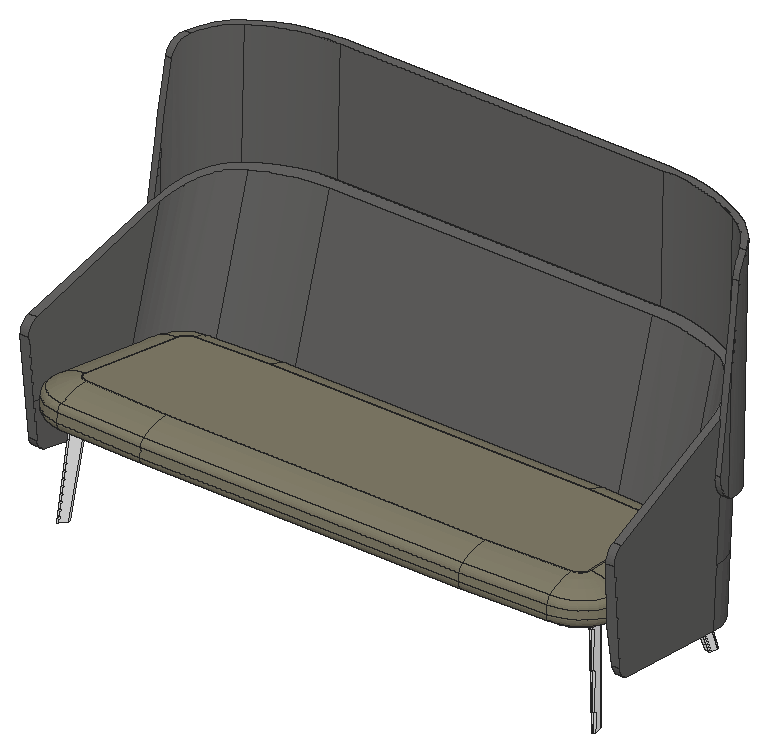
Revit family "Seating-Lounge-Teknion-STRE_Cover-R2014", category Furniture, Revit 2014
Parameters (values of type "Sofa Two Seater with Privacy")
  Width = 7' - 6 25/32"
  Warranty = "http://www.teknionstudio.com/pdfs/Teknion%20Studio%20Warranty.pdf"
  Unit Weight = 240.00 lbf
  URL = "http://www.teknionstudio.com"
  Series = "Studio"
  Seat Upholstery Finish [instance] = Fabric - Teknion - H517 - Heather Felt - Mustard Seed
  Product Page URL = "http://teknionstudio.com/cover/"
  Product Line = "Cover"
  Product Documentation Link = "http://www.teknionstudio.com/pricing/STRC_ppg.pdf"
  Privacy Upholstery Finish [instance] = Fabric - Teknion - H513 - Heather Felt - Pinon Tree
  Part Number = "STRE"
  Model = "STREF"
  Manufacturer Phone = "919-464-2920"
  Manufacturer Fax = "919-464-2927"
  Manufacturer Email = "customersupport@teknionstudio.com"
  Manufacturer Address = "3953 US 70 Business HWY West, Clayton, NC 27520"
  Manufacturer = "StudioTK"
  Low Emitting Material = yes
  Low Emitting Finish = yes
  Height = 3' - 7.98788"
  Frame Finish [instance] = Metal - Teknion - C9 - Polished Aluminum
  Description = "Cover Booth with Privacy, 4 - Leg"
  Depth = 2' - 6.80088"
  Back Upholstery Finish [instance] = Fabric - Teknion - H513 - Heather Felt - Pinon Tree
  Assembly Code = "E2020200"
Reference planes (in)
  plane 1 "Center F/B": y = 0
  plane 2: z = 0
  plane 3 "Center L/R": x = 0
  plane 4 "Top": z = 29.6
  plane 5: z = -0.03378
  plane 6: z = 0.19997
  plane 7 "Back": y = 16.11125
  plane 8 "Front": y = -13.48875
  plane 9: z = 12.39769
  plane 10: z = 10.50954
  plane 11 "Top Sloped Plane": through (0, 38.1924, 27.67127) normal (0, 0.0872, 0.9962)
  plane 12 "Bottom Sloped Plane": through (0, 36.74931, 1.19629) normal (0, 0.0872, 0.9962)
  plane 13: y = -15.87481
  plane 14: y = -8.83784
  plane 15: y = -21.44003
  plane 16: y = -10.16342
  plane 17: x = -35.3355
  plane 18: x = 35.3355
  plane 19: through (-51.44182, -20.77509, -22.07729) normal (0, -0.9903, 0.1392)
  plane 20: through (-51.44182, -13.80661, -23.05664) normal (0, -0.9903, 0.1392)
  plane 21: through (-56.88186, -26.28615, -21.30276) normal (0, -0.9903, 0.1392)
  plane 22: through (-55.6484, -15.11928, -22.87216) normal (0, -0.9903, 0.1392)
  plane 23: through (0, -5.45136, 12.06115) normal (0, -0.0698, -0.9976)
  plane 24: z = 43.98788
  plane 25: through (0, 15.33115, 16.83807) normal (0, 0.1564, 0.9877)
  plane 26: through (0, 16.61103, 43.82602) normal (0, -0.9996, 0.0294)
  plane 27: y = 17.31213
Forms (in)
  Sweep 1, solid, material "Fabric - Teknion - H517 - Heather Felt - Mustard Seed" <- "Seat Upholstery Finish"
    path origin (0, -1.72803, 15.73813) x (-1, 0, 0) y (0, -0.996195, 0.087156)
      loop
        arc (-18.90496, 7.67299) -> (-23.83351, 7.58206) -> (-28.75534, 7.3094) r 133.61289
        arc (-28.75534, 7.3094) -> (-29.62155, 6.86532) -> (-29.9066, 5.93459) r 1.25
        line (-29.9066, 5.93459) -> (-28.65822, -6.17276)
        arc (-28.65822, -6.17276) -> (-28.29254, -6.93454) -> (-27.52577, -7.28962) r 1.25
        arc (-27.52577, -7.28962) -> (-23.21962, -7.5771) -> (-18.90496, -7.67299) r 97.11843
        line (-18.90496, -7.67299) -> (18.91253, -7.67299)
        arc (18.91253, -7.67299) -> (23.22719, -7.5771) -> (27.53333, -7.28962) r 97.11843
        arc (27.53333, -7.28962) -> (28.30011, -6.93454) -> (28.66578, -6.17276) r 1.25
        line (28.66578, -6.17276) -> (29.91416, 5.93459)
        arc (29.91416, 5.93459) -> (29.62911, 6.86532) -> (28.76291, 7.3094) r 1.25
        arc (28.76291, 7.3094) -> (23.84107, 7.58206) -> (18.91253, 7.67299) r 133.61289
        line (18.91253, 7.67299) -> (-18.90496, 7.67299)
    profile origin (-0.00378, -9.37183, 16.40687) x (0, -0.996195, 0.087156) y (0, 0.087156, 0.996195)
      loop
        line (0, -0.51075) -> (0, -5.76374)
        arc (0, -5.76374) -> (1.74056, -5.29495) -> (3.33882, -4.46134) r 8.29794
        arc (3.33882, -4.46134) -> (3.66485, -4.10133) -> (3.7828, -3.63017) r 1
        line (3.7828, -3.63017) -> (3.7828, -2.6428)
        arc (3.7828, -2.6428) -> (3.66474, -2.17142) -> (3.33841, -1.81135) r 1
        arc (3.33841, -1.81135) -> (1.74024, -0.97872) -> (0, -0.51075) r 8.29794
  Sweep 2, solid, material "Fabric - Teknion - H517 - Heather Felt - Mustard Seed" <- "Seat Upholstery Finish"
    path origin (0, -2.18789, -1.07314) x (1, 0, 0) y (0, 0.087156, 0.996195)
      loop
        line (0, 16.27662) -> (0, 11.02362)
    profile origin (0, -0.99821, 12.52504) x (1, 0, 0) y (0, -0.996195, 0.087156)
      loop
        arc (18.91692, -6.65483) -> (23.23159, -6.55894) -> (27.53773, -6.27146) r 97.11843
        arc (27.53773, -6.27146) -> (28.30451, -5.91638) -> (28.67018, -5.1546) r 1.25
        line (28.67018, -5.1546) -> (29.91971, 6.96391)
        arc (29.91971, 6.96391) -> (29.63466, 7.89464) -> (28.76846, 8.33871) r 1.25
        arc (28.76846, 8.33871) -> (23.84662, 8.61138) -> (18.91807, 8.70231) r 133.61289
        line (18.91807, 8.70231) -> (-18.92366, 8.70231)
        arc (-18.92366, 8.70231) -> (-23.8522, 8.61138) -> (-28.77404, 8.33871) r 133.61289
        arc (-28.77404, 8.33871) -> (-29.64024, 7.89464) -> (-29.92529, 6.96391) r 1.25
        line (-29.92529, 6.96391) -> (-28.67576, -5.1546)
        arc (-28.67576, -5.1546) -> (-28.31009, -5.91638) -> (-27.54331, -6.27146) r 1.25
        arc (-27.54331, -6.27146) -> (-23.23717, -6.55894) -> (-18.92251, -6.65483) r 97.11843
        line (-18.92251, -6.65483) -> (18.91692, -6.65483)
  Blend 3, solid, material "Metal - Teknion - C9 - Polished Aluminum" <- "Frame Finish"
    base sketch origin (10.1875, 0.25, 29.6) x (-1, 0, 0) y (0, -1, 0)
      loop
        arc (40.20636, -8.93889) -> (40.13707, -9.01477) -> (40.1561, -9.11575) r 0.115
        line (40.1561, -9.11575) -> (40.72391, -9.86361)
        arc (40.72391, -9.86361) -> (40.78433, -9.90482) -> (40.85738, -9.90137) r 0.11526
        line (40.85738, -9.90137) -> (40.9759, -9.85541)
        arc (40.9759, -9.85541) -> (41.03247, -9.80811) -> (41.04868, -9.73617) r 0.115
        line (41.04868, -9.73617) -> (40.95106, -8.80738)
        arc (40.95106, -8.80738) -> (40.89672, -8.72131) -> (40.79536, -8.71208) r 0.115
        line (40.79536, -8.71208) -> (40.20636, -8.93889)
    top sketch origin (10.1875, 0.25, 29.6) x (-1, 0, 0) y (0, -1, 0)
      loop
        arc (39.68301, -5.78986) -> (39.61214, -5.6776) -> (39.47993, -5.66556) r 0.15
        line (39.47993, -5.66556) -> (38.69931, -5.96617)
        arc (38.69931, -5.96617) -> (38.60893, -6.06514) -> (38.63374, -6.19685) r 0.15
        line (38.63374, -6.19685) -> (39.49234, -7.3277)
        arc (39.49234, -7.3277) -> (39.57097, -7.38133) -> (39.66605, -7.37684) r 0.15
        line (39.66605, -7.37684) -> (39.73569, -7.34983)
        arc (39.73569, -7.34983) -> (39.80948, -7.28813) -> (39.83062, -7.1943) r 0.15
        line (39.83062, -7.1943) -> (39.68301, -5.78986)
    from -29.6 to -19.09046
  SweptBlend 4, solid, material "Fabric - Teknion - H513 - Heather Felt - Pinon Tree" <- "Back Upholstery Finish"
    path origin (0, 0, 0) x (0, 1, 0) y (0, 0, 1)
      loop
        line (16.13827, 29.60075) -> (14.8127, 10.64415)
    profile origin (0, 16.13827, 29.60075) x (0, 0.997564, -0.069756) y (1, 0, 0)
      loop
        line (-26.99251, -35.3355) -> (-8.1595, -33.48039)
        arc (-8.1595, -33.48039) -> (-4.45353, -32.06018) -> (-1.99119, -28.94761) r 7.5
        arc (-1.99119, -28.94761) -> (-0.50285, -24.15547) -> (0, -19.1628) r 25.0371
        line (0, -19.1628) -> (0, 19.1628)
        arc (0, 19.1628) -> (-0.50285, 24.15547) -> (-1.99119, 28.94761) r 25.0371
        arc (-1.99119, 28.94761) -> (-4.45353, 32.06018) -> (-8.1595, 33.48039) r 7.5
        line (-8.1595, 33.48039) -> (-26.99251, 35.3355) -> (-26.99251, 34.57463) -> (-8.39843, 32.74306)
        arc (-8.39843, 32.74306) -> (-4.60449, 31.15528) -> (-2.35711, 27.71081) r 7
        arc (-2.35711, 27.71081) -> (-1.45536, 23.47901) -> (-1.1528, 19.1628) r 30.93845
        line (-1.1528, 19.1628) -> (-1.1528, -19.1628)
        arc (-1.1528, -19.1628) -> (-1.45536, -23.47901) -> (-2.35711, -27.71081) r 30.93845
        arc (-2.35711, -27.71081) -> (-4.60449, -31.15528) -> (-8.39843, -32.74306) r 7
        line (-8.39843, -32.74306) -> (-26.99251, -34.57463) -> (-26.99251, -35.3355)
    end profile origin (0, 14.8127, 10.64415) x (0, 0.997564, -0.069756) y (1, 0, 0)
      loop
        line (-26.99251, -35.3355) -> (-8.1595, -33.48039)
        arc (-8.1595, -33.48039) -> (-4.45353, -32.06018) -> (-1.99119, -28.94761) r 7.5
        arc (-1.99119, -28.94761) -> (-0.50285, -24.15547) -> (0, -19.1628) r 25.0371
        line (0, -19.1628) -> (0, 19.1628)
        arc (0, 19.1628) -> (-0.50285, 24.15547) -> (-1.99119, 28.94761) r 25.0371
        arc (-1.99119, 28.94761) -> (-4.45353, 32.06018) -> (-8.1595, 33.48039) r 7.5
        line (-8.1595, 33.48039) -> (-26.99251, 35.3355) -> (-26.99251, 34.15599) -> (-12.64843, 32.74306)
        arc (-12.64843, 32.74306) -> (-8.85449, 31.15528) -> (-6.60711, 27.71081) r 7
        arc (-6.60711, 27.71081) -> (-5.70536, 23.47901) -> (-5.4028, 19.1628) r 30.93845
        line (-5.4028, 19.1628) -> (-5.4028, -19.1628)
        arc (-5.4028, -19.1628) -> (-5.70536, -23.47901) -> (-6.60711, -27.71081) r 30.93845
        arc (-6.60711, -27.71081) -> (-8.85449, -31.15528) -> (-12.64843, -32.74306) r 7
        line (-12.64843, -32.74306) -> (-26.99251, -34.15599) -> (-26.99251, -35.3355)
  Sweep 5, void
    path origin (0, 0, 0) x (1, 0, 0) y (0, 1, 0)
      loop
        line (-48.33893, 0) -> (48.33893, 0)
    profile origin (0, 0, 0) x (0, 1, 0) y (0, 0, 1)
      loop
        line (16.11125, 29.64263) -> (16.11125, 31.96622) -> (-13.75, 31.96622) -> (-13.75, -0.03378) -> (16.11125, -0.03378) -> (16.11125, 3.0551) -> (-8.26774, 6.48135)
        arc (-8.26774, 6.48135) -> (-9.25297, 6.96829) -> (-9.75359, 7.94664) r 1.75
        arc (-9.75359, 7.94664) -> (-10.44354, 13.61127) -> (-10.76569, 19.30866) r 88.19034
        arc (-10.76569, 19.30866) -> (-10.44937, 20.35513) -> (-9.57374, 21.00968) r 1.75
        line (-9.57374, 21.00968) -> (16.11125, 29.64263)
  Blend 6, solid, material "Metal - Teknion - C9 - Polished Aluminum" <- "Frame Finish"
    base sketch origin (10, 0.125, 29.6) x (-1, 0, 0) y (0, -1, 0)
      loop
        line (41.11261, 8.81389) -> (41.70161, 8.58708)
        arc (41.70161, 8.58708) -> (41.80297, 8.59631) -> (41.85731, 8.68238) r 0.115
        line (41.85731, 8.68238) -> (41.95493, 9.61117)
        arc (41.95493, 9.61117) -> (41.93872, 9.68311) -> (41.88215, 9.73041) r 0.115
        line (41.88215, 9.73041) -> (41.76363, 9.77637)
        arc (41.76363, 9.77637) -> (41.69058, 9.77982) -> (41.63016, 9.73861) r 0.11526
        line (41.63016, 9.73861) -> (41.06235, 8.99075)
        arc (41.06235, 8.99075) -> (41.04332, 8.88977) -> (41.11261, 8.81389) r 0.115
    top sketch origin (10, 0.125, 29.6) x (-1, 0, 0) y (0, -1, 0)
      loop
        line (40.71426, 7.28986) -> (40.86187, 8.6943)
        arc (40.86187, 8.6943) -> (40.84073, 8.78813) -> (40.76694, 8.84983) r 0.15
        line (40.76694, 8.84983) -> (40.6973, 8.87684)
        arc (40.6973, 8.87684) -> (40.60222, 8.88133) -> (40.52359, 8.8277) r 0.15
        line (40.52359, 8.8277) -> (39.66499, 7.69685)
        arc (39.66499, 7.69685) -> (39.64018, 7.56514) -> (39.73056, 7.46617) r 0.15
        line (39.73056, 7.46617) -> (40.51118, 7.16556)
        arc (40.51118, 7.16556) -> (40.64339, 7.1776) -> (40.71426, 7.28986) r 0.15
    from -29.6 to -17.20231
  SweptBlend 7, solid, material "Fabric - Teknion - H513 - Heather Felt - Pinon Tree" <- "Back Upholstery Finish"
    path origin (0, 1.62554, 23.24623) x (0, 0.990268, -0.139173) y (0, -0.139173, -0.990268)
      loop
        line (15.33595, 18.12702) -> (14.8127, 10.64415)
    profile origin (0, 14.28945, 3.16128) x (0, -0.997564, 0.069756) y (1, 0, 0)
      loop
        line (26.99251, -35.3355) -> (26.99251, -34.57463) -> (8.39843, -32.74306)
        arc (8.39843, -32.74306) -> (4.60449, -31.15528) -> (2.35711, -27.71081) r 7
        arc (2.35711, -27.71081) -> (1.45536, -23.47901) -> (1.1528, -19.1628) r 30.93845
        line (1.1528, -19.1628) -> (1.1528, 19.1628)
        arc (1.1528, 19.1628) -> (1.45536, 23.47901) -> (2.35711, 27.71081) r 30.93845
        arc (2.35711, 27.71081) -> (4.60449, 31.15528) -> (8.39843, 32.74306) r 7
        line (8.39843, 32.74306) -> (26.99251, 34.57463) -> (26.99251, 35.3355) -> (8.1595, 33.48039)
        arc (8.1595, 33.48039) -> (4.45353, 32.06018) -> (1.99119, 28.94761) r 7.5
        arc (1.99119, 28.94761) -> (0.50285, 24.15547) -> (0, 19.1628) r 25.0371
        line (0, 19.1628) -> (0, -19.1628)
        arc (0, -19.1628) -> (0.50285, -24.15547) -> (1.99119, -28.94761) r 25.0371
        arc (1.99119, -28.94761) -> (4.45353, -32.06018) -> (8.1595, -33.48039) r 7.5
        line (8.1595, -33.48039) -> (26.99251, -35.3355)
    end profile origin (0, 14.8127, 10.64415) x (0, -0.997564, 0.069756) y (1, 0, 0)
      loop
        line (26.99251, -35.3355) -> (26.99251, -34.15599) -> (12.64843, -32.74306)
        arc (12.64843, -32.74306) -> (8.85449, -31.15528) -> (6.60711, -27.71081) r 7
        arc (6.60711, -27.71081) -> (5.70536, -23.47901) -> (5.4028, -19.1628) r 30.93845
        line (5.4028, -19.1628) -> (5.4028, 19.1628)
        arc (5.4028, 19.1628) -> (5.70536, 23.47901) -> (6.60711, 27.71081) r 30.93845
        arc (6.60711, 27.71081) -> (8.85449, 31.15528) -> (12.64843, 32.74306) r 7
        line (12.64843, 32.74306) -> (26.99251, 34.15599) -> (26.99251, 35.3355) -> (8.1595, 33.48039)
        arc (8.1595, 33.48039) -> (4.45353, 32.06018) -> (1.99119, 28.94761) r 7.5
        arc (1.99119, 28.94761) -> (0.50285, 24.15547) -> (0, 19.1628) r 25.0371
        line (0, 19.1628) -> (0, -19.1628)
        arc (0, -19.1628) -> (0.50285, -24.15547) -> (1.99119, -28.94761) r 25.0371
        arc (1.99119, -28.94761) -> (4.45353, -32.06018) -> (8.1595, -33.48039) r 7.5
        line (8.1595, -33.48039) -> (26.99251, -35.3355)
  Blend 8, solid, material "Metal - Teknion - C9 - Polished Aluminum" <- "Frame Finish"
    base sketch origin (-10.1875, 0.25, 29.6) x (1, 0, 0) y (0, 1, 0)
      loop
        line (40.20636, 8.93889) -> (40.79536, 8.71208)
        arc (40.79536, 8.71208) -> (40.89672, 8.72131) -> (40.95106, 8.80738) r 0.115
        line (40.95106, 8.80738) -> (41.04868, 9.73617)
        arc (41.04868, 9.73617) -> (41.03247, 9.80811) -> (40.9759, 9.85541) r 0.115
        line (40.9759, 9.85541) -> (40.85738, 9.90137)
        arc (40.85738, 9.90137) -> (40.78433, 9.90482) -> (40.72391, 9.86361) r 0.11526
        line (40.72391, 9.86361) -> (40.1561, 9.11575)
        arc (40.1561, 9.11575) -> (40.13707, 9.01477) -> (40.20636, 8.93889) r 0.115
    top sketch origin (-10.1875, 0.25, 29.6) x (1, 0, 0) y (0, 1, 0)
      loop
        line (39.68301, 5.78986) -> (39.83062, 7.1943)
        arc (39.83062, 7.1943) -> (39.80948, 7.28813) -> (39.73569, 7.34983) r 0.15
        line (39.73569, 7.34983) -> (39.66605, 7.37684)
        arc (39.66605, 7.37684) -> (39.57097, 7.38133) -> (39.49234, 7.3277) r 0.15
        line (39.49234, 7.3277) -> (38.63374, 6.19685)
        arc (38.63374, 6.19685) -> (38.60893, 6.06514) -> (38.69931, 5.96617) r 0.15
        line (38.69931, 5.96617) -> (39.47993, 5.66556)
        arc (39.47993, 5.66556) -> (39.61214, 5.6776) -> (39.68301, 5.78986) r 0.15
    from -29.6 to -19.09046
  Blend 9, solid, material "Metal - Teknion - C9 - Polished Aluminum" <- "Frame Finish"
    base sketch origin (-10, 0.125, 29.6) x (1, 0, 0) y (0, 1, 0)
      loop
        arc (41.11261, -8.81389) -> (41.04332, -8.88977) -> (41.06235, -8.99075) r 0.115
        line (41.06235, -8.99075) -> (41.63016, -9.73861)
        arc (41.63016, -9.73861) -> (41.69058, -9.77982) -> (41.76363, -9.77637) r 0.11526
        line (41.76363, -9.77637) -> (41.88215, -9.73041)
        arc (41.88215, -9.73041) -> (41.93872, -9.68311) -> (41.95493, -9.61117) r 0.115
        line (41.95493, -9.61117) -> (41.85731, -8.68238)
        arc (41.85731, -8.68238) -> (41.80297, -8.59631) -> (41.70161, -8.58708) r 0.115
        line (41.70161, -8.58708) -> (41.11261, -8.81389)
    top sketch origin (-10, 0.125, 29.6) x (1, 0, 0) y (0, 1, 0)
      loop
        arc (40.71426, -7.28986) -> (40.64339, -7.1776) -> (40.51118, -7.16556) r 0.15
        line (40.51118, -7.16556) -> (39.73056, -7.46617)
        arc (39.73056, -7.46617) -> (39.64018, -7.56514) -> (39.66499, -7.69685) r 0.15
        line (39.66499, -7.69685) -> (40.52359, -8.8277)
        arc (40.52359, -8.8277) -> (40.60222, -8.88133) -> (40.6973, -8.87684) r 0.15
        line (40.6973, -8.87684) -> (40.76694, -8.84983)
        arc (40.76694, -8.84983) -> (40.84073, -8.78813) -> (40.86187, -8.6943) r 0.15
        line (40.86187, -8.6943) -> (40.71426, -7.28986)
    from -29.6 to -17.20231
  Sweep 10, solid, material "Fabric - Teknion - H513 - Heather Felt - Pinon Tree" <- "Privacy Upholstery Finish"
    path origin (0, 0, 0) x (0, 1, 0) y (0, 0, 1)
      loop
        line (16.77317, 49.33373) -> (15.69611, 12.7462)
    profile origin (0, 16.23464, 31.03997) x (0, 0.999567, -0.029425) y (1, 0, 0)
      loop
        spline (-2.09662, -28.96131) -> (-2.40084, -29.56846) -> (-2.75747, -30.14637) -> (-3.16371, -30.69051) -> (-3.61641, -31.19664) -> (-4.11201, -31.66079) -> (-4.64665, -32.07934) -> (-5.21614, -32.44901) -> (-5.81605, -32.76693) -> (-6.44167, -33.03061) -> (-7.08813, -33.23798) -> (-7.75037, -33.38742) -> (-8.42321, -33.47777)
        line (-8.42321, -33.47777) -> (-11.82534, -33.81815) -> (-11.75297, -34.56465) -> (-8.37345, -34.23699)
        spline (-8.37345, -34.23699) -> (-6.62645, -33.87914) -> (-5.15206, -33.23568) -> (-3.93049, -32.38447) -> (-2.94183, -31.403) -> (-2.15666, -30.34365) -> (-1.53038, -29.21882) -> (-1.01704, -28.03734) -> (-0.57075, -26.80786) -> (-0.16232, -25.48764) -> (0.19671, -23.90855) -> (0.4887, -21.8837) -> (0.69603, -19.22621)
        line (0.69603, -19.22621) -> (0.69603, 19.22621)
        spline (0.69603, 19.22621) -> (0.4887, 21.8837) -> (0.19671, 23.90855) -> (-0.16232, 25.48764) -> (-0.57075, 26.80786) -> (-1.01704, 28.03734) -> (-1.53038, 29.21882) -> (-2.15666, 30.34365) -> (-2.94183, 31.403) -> (-3.93049, 32.38447) -> (-5.15206, 33.23568) -> (-6.62645, 33.87914) -> (-8.37345, 34.23699)
        line (-8.37345, 34.23699) -> (-11.75297, 34.56465) -> (-11.82534, 33.81815) -> (-8.42321, 33.47777)
        spline (-8.42321, 33.47777) -> (-7.75037, 33.38742) -> (-7.08813, 33.23797) -> (-6.44168, 33.03061) -> (-5.81605, 32.76693) -> (-5.21615, 32.44901) -> (-4.64665, 32.07934) -> (-4.11201, 31.66079) -> (-3.61641, 31.19664) -> (-3.16372, 30.69051) -> (-2.75747, 30.14637) -> (-2.40084, 29.56847) -> (-2.09662, 28.96131)
        spline (-2.09662, 28.96131) -> (-1.8003, 28.28513) -> (-1.52198, 27.55788) -> (-1.26084, 26.77515) -> (-1.0168, 25.93667) -> (-0.79617, 25.07517) -> (-0.59866, 24.18912) -> (-0.4276, 23.29585) -> (-0.28649, 22.41358) -> (-0.17481, 21.53957) -> (-0.09903, 20.7075) -> (-0.05904, 19.91673) -> (-0.05397, 19.1628)
        line (-0.05397, 19.1628) -> (-0.05397, -19.22621)
        spline (-0.05397, -19.22621) -> (-0.05973, -19.96933) -> (-0.10012, -20.74557) -> (-0.17596, -21.5585) -> (-0.2873, -22.40835) -> (-0.42808, -23.26855) -> (-0.59858, -24.14035) -> (-0.7956, -25.0097) -> (-1.01576, -25.8618) -> (-1.25956, -26.69889) -> (-1.52078, -27.49364) -> (-1.79952, -28.24658) -> (-2.09662, -28.96131)
  Sweep 11, void
    path origin (0, 0, 29.6) x (-1, 0, 0) y (0, -1, 0)
      loop
        line (39.4145, 0) -> (-39.4145, 0)
    profile origin (0, 0, 29.6) x (0, 1, 0) y (0, 0, 1)
      loop
        line (19.77245, -13.46536) -> (8.41326, -11.66624)
        arc (8.41326, -11.66624) -> (6.61603, -10.56289) -> (6.12872, -8.51107) r 2.75
        line (6.12872, -8.51107) -> (9.2625, 10.8667)
        arc (9.2625, 10.8667) -> (9.93134, 12.22957) -> (11.24671, 12.98757) r 2.60319
        line (11.24671, 12.98757) -> (19.77245, 14.9559) -> (19.77245, 21.9559) -> (0, 21.9559) -> (0, -17.20231) -> (19.77245, -17.20231) -> (19.77245, -13.46536)
Cuts and joins
  Sweep 5 cuts SweptBlend 4
  Sweep 5 cuts SweptBlend 7
  joined: SweptBlend 4, SweptBlend 7
  Sweep 11 cuts Sweep 10
Lines and regions (in)
  Masking region 1
    outline origin (0, 0, 29.6) x (-1, 0, 0) y (0, -1, 0)
      loop
        line (35.25854, 10.76569) -> (34.2212, 10.76569)
        spline (34.2212, 10.76569) -> (34.20304, 10.74989) -> (34.18451, 10.73031) -> (34.16563, 10.70696) -> (34.14638, 10.67985) -> (34.12678, 10.64897) -> (34.10681, 10.61432) -> (34.08649, 10.57591) -> (34.06582, 10.53373) -> (34.04479, 10.48779) -> (34.0234, 10.43809) -> (34.00167, 10.38464) -> (33.97957, 10.32743)
        line (33.97957, 10.32743) -> (33.68478, 7.34195)
        spline (33.68478, 7.34195) -> (33.49992, 9.48625) -> (33.1648, 10.33199) -> (32.79835, 10.92399) -> (32.29183, 11.51488) -> (31.65285, 12.0987) -> (30.95363, 12.55706) -> (30.17992, 12.86401) -> (29.25211, 13.0637) -> (28.08866, 13.20138) -> (26.59998, 13.30768) -> (24.68836, 13.39842) -> (22.25573, 13.48875)
        line (22.25573, 13.48875) -> (-22.25573, 13.48875)
        spline (-22.25573, 13.48875) -> (-24.68836, 13.39842) -> (-26.59998, 13.30768) -> (-28.08866, 13.20138) -> (-29.25211, 13.0637) -> (-30.17992, 12.86401) -> (-30.95363, 12.55706) -> (-31.65285, 12.0987) -> (-32.29183, 11.51488) -> (-32.79835, 10.92399) -> (-33.1648, 10.33199) -> (-33.49992, 9.48625) -> (-33.68478, 7.34195)
        line (-33.68478, 7.34195) -> (-33.97957, 10.32743)
        spline (-33.97957, 10.32743) -> (-34.00167, 10.38464) -> (-34.0234, 10.43809) -> (-34.04479, 10.48779) -> (-34.06582, 10.53373) -> (-34.08649, 10.57591) -> (-34.10681, 10.61432) -> (-34.12678, 10.64897) -> (-34.14638, 10.67985) -> (-34.16563, 10.70696) -> (-34.18451, 10.73031) -> (-34.20304, 10.74989) -> (-34.2212, 10.76569)
        line (-34.2212, 10.76569) -> (-35.25854, 10.76569) -> (-33.64079, -6.09405) -> (-34.31395, -6.09405)
        arc (-34.31395, -6.09405) -> (-34.35802, -6.11333) -> (-34.37376, -6.15879) r 0.06
        line (-34.37376, -6.15879) -> (-34.23694, -7.88417)
        spline (-34.23694, -7.88417) -> (-34.2272, -7.99902) -> (-34.2164, -8.11388) -> (-34.20455, -8.22873) -> (-34.19165, -8.34358) -> (-34.1777, -8.45843) -> (-34.1627, -8.57327) -> (-34.14664, -8.68811) -> (-34.12954, -8.80294) -> (-34.11138, -8.91777) -> (-34.09217, -9.0326) -> (-34.07191, -9.14742) -> (-34.0506, -9.26224)
        spline (-34.0506, -9.26224) -> (-34.03942, -9.31792) -> (-34.02094, -9.39958) -> (-33.99527, -9.50631) -> (-33.96168, -9.63661) -> (-33.9193, -9.78872) -> (-33.86739, -9.96037) -> (-33.80532, -10.14914) -> (-33.73251, -10.35219) -> (-33.64857, -10.56656) -> (-33.55358, -10.78903) -> (-33.4477, -11.01654) -> (-33.3309, -11.24671)
        spline (-33.3309, -11.24671) -> (-32.61928, -12.35804) -> (-31.7388, -13.34198) -> (-30.71405, -14.18708) -> (-29.58007, -14.88396) -> (-28.37282, -15.45031) -> (-27.12604, -15.92858) -> (-25.8565, -16.34066) -> (-24.56209, -16.67589) -> (-23.24308, -16.92355) -> (-21.92273, -17.09916) -> (-20.60754, -17.22251) -> (-19.22621, -17.31213)
        line (-19.22621, -17.31213) -> (19.22621, -17.31213)
        spline (19.22621, -17.31213) -> (20.60754, -17.22251) -> (21.92273, -17.09916) -> (23.24308, -16.92355) -> (24.56207, -16.67588) -> (25.85671, -16.3408) -> (27.12604, -15.92858) -> (28.3729, -15.45041) -> (29.57985, -14.88371) -> (30.7142, -14.18714) -> (31.7383, -13.34213) -> (32.61909, -12.35811) -> (33.3309, -11.24671)
        spline (33.3309, -11.24671) -> (33.4477, -11.01654) -> (33.55358, -10.78903) -> (33.64857, -10.56656) -> (33.73251, -10.35219) -> (33.80532, -10.14914) -> (33.86739, -9.96037) -> (33.9193, -9.78872) -> (33.96168, -9.63661) -> (33.99527, -9.50631) -> (34.02094, -9.39958) -> (34.03942, -9.31792) -> (34.0506, -9.26224)
        spline (34.0506, -9.26224) -> (34.07191, -9.14742) -> (34.09217, -9.0326) -> (34.11138, -8.91777) -> (34.12954, -8.80294) -> (34.14664, -8.68811) -> (34.1627, -8.57327) -> (34.1777, -8.45843) -> (34.19165, -8.34358) -> (34.20455, -8.22873) -> (34.2164, -8.11388) -> (34.2272, -7.99902) -> (34.23699, -7.88417)
        line (34.23699, -7.88417) -> (34.37349, -6.16221)
        arc (34.37349, -6.16221) -> (34.35775, -6.11676) -> (34.31368, -6.09747) r 0.06
        line (34.31368, -6.09747) -> (33.64046, -6.09747) -> (35.25854, 10.76569)
  symbolic lines, style "FurnitureHiddenLines", detail levels fine
    curve 1: arc (-28.50211, 6.22029, 29.6) -> (-28.42659, 6.30006, 29.6) -> (-28.42567, 6.4099, 29.6) r 0.15
    curve 2: line (-29.29243, 5.91556, 29.6) -> (-28.50211, 6.22029, 29.6)
    curve 3: arc (-29.47591, 5.97999, 29.6) -> (-29.39603, 5.91401, 29.6) -> (-29.29243, 5.91556, 29.6) r 0.15
    curve 4: line (-30.75548, 9.02734, 29.6) -> (-29.47591, 5.97999, 29.6)
    curve 5: arc (-29.99847, 9.40555, 29.6) -> (-29.99293, 9.39758, 29.6) -> (-29.98808, 9.38917, 29.6) r 0.11514
    curve 6: arc (-30.75548, 9.02734, 29.6) -> (-30.76084, 9.04329, 29.6) -> (-30.76382, 9.05984, 29.6) r 0.115
    curve 7: line (-30.76382, 9.05984, 29.6) -> (-30.86118, 9.98617, 29.6)
    curve 8: arc (-30.86118, 9.98617, 29.6) -> (-30.84497, 10.05811, 29.6) -> (-30.7884, 10.10541, 29.6) r 0.115
    curve 9: line (-30.7884, 10.10541, 29.6) -> (-30.66988, 10.15137, 29.6)
    curve 10: arc (-30.66988, 10.15137, 29.6) -> (-30.59682, 10.15482, 29.6) -> (-30.5364, 10.1136, 29.6) r 0.11526
    curve 11: line (-30.5364, 10.1136, 29.6) -> (-29.99847, 9.40555, 29.6)
    curve 12: arc (-30.51118, -7.04056, 29.6) -> (-30.59525, -7.03361, 29.6) -> (-30.66978, -7.07312, 29.6) r 0.15
    curve 13: line (-29.73056, -7.34117, 29.6) -> (-30.51118, -7.04056, 29.6)
    curve 14: arc (-29.66499, -7.57185, 29.6) -> (-29.64018, -7.44014, 29.6) -> (-29.73056, -7.34117, 29.6) r 0.15
    curve 15: line (-30.52359, -8.7027, 29.6) -> (-29.66499, -7.57185, 29.6)
    curve 16: arc (-30.5478, -8.72786, 29.6) -> (-30.53496, -8.71599, 29.6) -> (-30.52359, -8.7027, 29.6) r 0.15
    curve 17: line (-30.66978, -7.07312, 29.6) -> (-31.82594, -8.43883, 29.6)
    curve 18: line (-31.64876, -9.63295, 29.6) -> (-30.5478, -8.72786, 29.6)
    curve 19: arc (-31.64876, -9.63295, 29.6) -> (-31.7037, -9.65772, 29.6) -> (-31.76363, -9.65137, 29.6) r 0.11526
    curve 20: line (-31.76363, -9.65137, 29.6) -> (-31.88215, -9.60541, 29.6)
    curve 21: arc (-31.88215, -9.60541, 29.6) -> (-31.93872, -9.55811, 29.6) -> (-31.95493, -9.48617, 29.6) r 0.115
    curve 22: line (-31.95493, -9.48617, 29.6) -> (-31.85123, -8.49954, 29.6)
    curve 23: arc (-31.85123, -8.49954, 29.6) -> (-31.84302, -8.46734, 29.6) -> (-31.82594, -8.43883, 29.6) r 0.115
    curve 24: line (-28.42567, 6.4099, 29.6) -> (-29.98808, 9.38917, 29.6)
    curve 25: line (-28.47113, 6.49658, 29.6) -> (-29.30484, 7.5777, 29.6)
    curve 26: line (-29.64312, 7.4443, 29.6) -> (-29.50218, 6.1033, 29.6)
    curve 27: arc (-29.54819, 7.59983, 29.6) -> (-29.62198, 7.53813, 29.6) -> (-29.64312, 7.4443, 29.6) r 0.15
    curve 28: arc (-29.30484, 7.5777, 29.6) -> (-29.38347, 7.63133, 29.6) -> (-29.47855, 7.62684, 29.6) r 0.15
    curve 29: line (-29.47855, 7.62684, 29.6) -> (-29.54819, 7.59983, 29.6)
    curve 30: line (-30.70724, -7.14545, 29.6) -> (-30.86085, -8.60846, 29.6)
    curve 31: arc (-30.86085, -8.60846, 29.6) -> (-30.82943, -8.67918, 29.6) -> (-30.76694, -8.72483, 29.6) r 0.15
    curve 32: line (-30.76694, -8.72483, 29.6) -> (-30.6973, -8.75184, 29.6)
    curve 33: arc (-30.6973, -8.75184, 29.6) -> (-30.62807, -8.76124, 29.6) -> (-30.56209, -8.73827, 29.6) r 0.15
    curve 34: arc (-30.66978, -7.07312, 29.6) -> (-30.69418, -7.10635, 29.6) -> (-30.70724, -7.14545, 29.6) r 0.13311
    curve 35: arc (28.51169, 6.21611, 29.6) -> (28.42948, 6.29278, 29.6) -> (28.42352, 6.40504, 29.6) r 0.15018
    curve 36: line (29.29243, 5.91556, 29.6) -> (28.51169, 6.21611, 29.6)
    curve 37: arc (29.46199, 5.96002, 29.6) -> (29.38438, 5.91045, 29.6) -> (29.29243, 5.91556, 29.6) r 0.15
    curve 38: line (30.75733, 9.04496, 29.6) -> (29.46199, 5.96002, 29.6)
    curve 39: arc (29.97585, 9.3753, 29.6) -> (29.97032, 9.36734, 29.6) -> (29.96548, 9.35895, 29.6) r 0.11498
    curve 40: arc (30.75733, 9.04496, 29.6) -> (30.76269, 9.0609, 29.6) -> (30.76567, 9.07746, 29.6) r 0.115
    curve 41: line (30.76567, 9.07746, 29.6) -> (30.86118, 9.98617, 29.6)
    curve 42: arc (30.86118, 9.98617, 29.6) -> (30.84497, 10.05811, 29.6) -> (30.7884, 10.10541, 29.6) r 0.115
    curve 43: line (30.7884, 10.10541, 29.6) -> (30.66988, 10.15137, 29.6)
    curve 44: arc (30.66988, 10.15137, 29.6) -> (30.59683, 10.15482, 29.6) -> (30.53641, 10.11361, 29.6) r 0.11526
    curve 45: line (30.53641, 10.11361, 29.6) -> (29.97585, 9.3753, 29.6)
    curve 46: arc (30.51118, -7.04056, 29.6) -> (30.59701, -7.03398, 29.6) -> (30.67232, -7.07566, 29.6) r 0.15
    curve 47: line (29.72765, -7.34229, 29.6) -> (30.51118, -7.04056, 29.6)
    curve 48: arc (29.66208, -7.57297, 29.6) -> (29.63726, -7.44126, 29.6) -> (29.72765, -7.34229, 29.6) r 0.15
    curve 49: line (30.50796, -8.68707, 29.6) -> (29.66208, -7.57297, 29.6)
    curve 50: arc (30.53217, -8.71224, 29.6) -> (30.51933, -8.70036, 29.6) -> (30.50796, -8.68707, 29.6) r 0.15
    curve 51: line (30.67232, -7.07566, 29.6) -> (31.7899, -8.44816, 29.6)
    curve 52: line (31.65106, -9.63206, 29.6) -> (30.53217, -8.71224, 29.6)
    curve 53: arc (31.65106, -9.63206, 29.6) -> (31.706, -9.65683, 29.6) -> (31.76593, -9.65048, 29.6) r 0.11526
    curve 54: line (31.76593, -9.65048, 29.6) -> (31.88215, -9.60541, 29.6)
    curve 55: arc (31.88215, -9.60541, 29.6) -> (31.93872, -9.55811, 29.6) -> (31.95493, -9.48617, 29.6) r 0.115
    curve 56: line (31.95493, -9.48617, 29.6) -> (31.85551, -8.5403, 29.6)
    curve 57: arc (31.85551, -8.5403, 29.6) -> (31.83482, -8.48561, 29.6) -> (31.7899, -8.44816, 29.6) r 0.115
    curve 58: line (28.42352, 6.40504, 29.6) -> (29.96548, 9.35895, 29.6)
    curve 59: line (28.44163, 6.43973, 29.6) -> (29.30484, 7.5777, 29.6)
    curve 60: line (29.64312, 7.4443, 29.6) -> (29.50133, 6.09518, 29.6)
    curve 61: arc (29.54819, 7.59983, 29.6) -> (29.62198, 7.53813, 29.6) -> (29.64312, 7.4443, 29.6) r 0.15
    curve 62: arc (29.30484, 7.5777, 29.6) -> (29.38347, 7.63133, 29.6) -> (29.47855, 7.62684, 29.6) r 0.15
    curve 63: line (29.47855, 7.62684, 29.6) -> (29.54819, 7.59983, 29.6)
    curve 64: line (30.70844, -7.15292, 29.6) -> (30.86187, -8.5693, 29.6)
    curve 65: arc (30.86187, -8.5693, 29.6) -> (30.84073, -8.66313, 29.6) -> (30.76694, -8.72483, 29.6) r 0.15
    curve 66: line (30.76694, -8.72483, 29.6) -> (30.68898, -8.75507, 29.6)
    curve 67: arc (30.68898, -8.75507, 29.6) -> (30.61976, -8.76447, 29.6) -> (30.55378, -8.74149, 29.6) r 0.15
    curve 68: arc (30.67232, -7.07566, 29.6) -> (30.69625, -7.11155, 29.6) -> (30.70844, -7.15292, 29.6) r 0.14365
  symbolic lines, style "Furniture"
    curve 69: line (-33.97957, -10.32743, 29.6) -> (-32.74306, 2.19508, 29.6)
    curve 70: spline (-32.74306, 2.19508, 29.6) -> (-32.64059, 2.88126, 29.6) -> (-32.47037, 3.5539, 29.6) -> (-32.23409, 4.20638, 29.6) -> (-31.93407, 4.83225, 29.6) -> (-31.57328, 5.42534, 29.6) -> (-31.15528, 5.97978, 29.6) -> (-30.68418, 6.49012, 29.6) -> (-30.16466, 6.9513, 29.6) -> (-29.60182, 7.35878, 29.6) -> (-29.00123, 7.70854, 29.6) -> (-28.36881, 7.99712, 29.6) -> (-27.71081, 8.22168, 29.6)
    curve 71: spline (-27.71081, 8.22168, 29.6) -> (-27.01492, 8.41251, 29.6) -> (-26.31475, 8.5871, 29.6) -> (-25.61069, 8.74535, 29.6) -> (-24.90313, 8.88717, 29.6) -> (-24.19244, 9.01249, 29.6) -> (-23.47901, 9.12124, 29.6) -> (-22.76324, 9.21336, 29.6) -> (-22.0455, 9.28879, 29.6) -> (-21.3262, 9.34751, 29.6) -> (-20.60572, 9.38947, 29.6) -> (-19.88445, 9.41466, 29.6) -> (-19.1628, 9.42306, 29.6)
    curve 72: line (-19.1628, 9.42306, 29.6) -> (19.1628, 9.42306, 29.6)
    curve 73: spline (19.1628, 9.42306, 29.6) -> (19.88445, 9.41466, 29.6) -> (20.60572, 9.38947, 29.6) -> (21.3262, 9.34751, 29.6) -> (22.0455, 9.28879, 29.6) -> (22.76324, 9.21336, 29.6) -> (23.47901, 9.12124, 29.6) -> (24.19244, 9.01249, 29.6) -> (24.90313, 8.88717, 29.6) -> (25.61069, 8.74535, 29.6) -> (26.31475, 8.5871, 29.6) -> (27.01492, 8.41251, 29.6) -> (27.71081, 8.22168, 29.6)
    curve 74: spline (27.71081, 8.22168, 29.6) -> (28.36881, 7.99712, 29.6) -> (29.00123, 7.70854, 29.6) -> (29.60182, 7.35878, 29.6) -> (30.16466, 6.9513, 29.6) -> (30.68418, 6.49012, 29.6) -> (31.15528, 5.97978, 29.6) -> (31.57328, 5.42534, 29.6) -> (31.93407, 4.83225, 29.6) -> (32.23409, 4.20638, 29.6) -> (32.47037, 3.5539, 29.6) -> (32.64059, 2.88126, 29.6) -> (32.74306, 2.19508, 29.6)
    curve 75: line (32.74306, 2.19508, 29.6) -> (33.97957, -10.32743, 29.6)
    curve 83: line (-33.48039, 7.76563, 29.6) -> (-28.94761, 14.09783, 29.6)
    curve 84: line (28.94761, 14.09783, 29.6) -> (33.48039, 7.76563, 29.6)
    curve 85: line (-20.08142, 16.11125, 29.6) -> (20.08142, 16.11125, 29.6)
    curve 86: line (-28.94761, 14.09783, 29.6) -> (-20.08142, 16.11125, 29.6)
    curve 87: line (28.94761, 14.09783, 29.6) -> (20.08142, 16.11125, 29.6)
  symbolic lines, style "Furniture", detail levels medium+fine
    curve 76: line (-32.74306, 6.64962, 29.6) -> (-34.25872, -10.76569, 29.6)
    curve 77: line (-27.71139, 13.48654, 29.6) -> (-32.74306, 6.64962, 29.6)
    curve 78: spline (-19.30163, 14.8504, 29.6) -> (-20.01562, 14.83683, 29.6) -> (-20.72896, 14.80489, 29.6) -> (-21.44112, 14.75459, 29.6) -> (-22.15157, 14.68598, 29.6) -> (-22.8598, 14.5991, 29.6) -> (-23.56527, 14.49402, 29.6) -> (-24.26747, 14.37081, 29.6) -> (-24.96589, 14.22957, 29.6) -> (-25.66, 14.0704, 29.6) -> (-26.34929, 13.89341, 29.6) -> (-27.03325, 13.69875, 29.6) -> (-27.71139, 13.48654, 29.6)
    curve 79: line (19.30164, 14.8504, 29.6) -> (-19.30163, 14.8504, 29.6)
    curve 80: spline (27.71139, 13.48654, 29.6) -> (27.03325, 13.69875, 29.6) -> (26.34929, 13.89341, 29.6) -> (25.66, 14.0704, 29.6) -> (24.96589, 14.22957, 29.6) -> (24.26748, 14.37081, 29.6) -> (23.56527, 14.49402, 29.6) -> (22.8598, 14.5991, 29.6) -> (22.15157, 14.68598, 29.6) -> (21.44112, 14.75459, 29.6) -> (20.72896, 14.80489, 29.6) -> (20.01563, 14.83683, 29.6) -> (19.30164, 14.8504, 29.6)
    curve 81: line (32.74306, 6.64962, 29.6) -> (27.71139, 13.48654, 29.6)
    curve 82: line (34.25872, -10.76569, 29.6) -> (32.74306, 6.64962, 29.6)
  symbolic lines, style "FurnitureHiddenLines"
    curve 88: line (-33.64046, 6.09747, 29.6) -> (-33.48039, 7.76563, 29.6)
    curve 89: line (33.48039, 7.76563, 29.6) -> (33.64079, 6.09405, 29.6)
Dimensions and locks (in)
  locked: plane 2 to plane 5 at 0.03378
  locked: plane 6 to plane 2 at 0.19997
  Sweep 2 to Sweep 2 = 0' - 5.25299"
  Sweep 2 sketch curve to Sweep 2 sketch curve = 0' - 5.25299"
  locked: plane 11 "Top Sloped Plane" to plane 12 "Bottom Sloped Plane" at 26.5
  locked: plane 5 to Sweep 5 sketch curve at 32
  locked: SweptBlend 4 sketch curve to plane 1 "Center F/B" at 16.13827
  locked: SweptBlend 4 sketch curve to plane 1 "Center F/B" at 14.8127
  locked: plane 9 to plane 2 at 12.39769
  locked: plane 10 to plane 2 at 10.50954
  Sweep 1 sketch curve to Sweep 1 sketch curve to profile plane to Sweep 1 sketch curve to Sweep 1 sketch curve = 0' - 0.00298" locked, 0' - 1.272" locked, 0' - 2.7828" locked, 0' - 0" locked
  Sweep 1 sketch curve to profile plane to Sweep 1 sketch curve to Sweep 1 sketch curve to Sweep 1 sketch curve = 0' - 2.43566" locked, 0' - 2.6428" locked, 0' - 0.98738" locked, 0' - 5.08044" locked
  locked: profile plane to Sweep 1 sketch curve at 3.7828
  locked: Sweep 1 sketch curve to plane 5 at 10.69884
  Blend 3 sketch curve to Blend 3 sketch curve to Blend 3 sketch curve to Blend 3 sketch curve = 0' - 0.09762" locked, 0' - 0.02099" locked, 0' - 0.56802" locked
  plane 7 "Back" to Blend 3 sketch curve to Blend 3 sketch curve to Blend 3 sketch curve to Blend 3 sketch curve = 0' - 6.06734", 0' - 0.04573" locked, 0' - 0.70198" locked, 0' - 0.22682" locked
  plane 7 "Back" to Blend 3 sketch curve to Blend 3 sketch curve to Blend 3 sketch curve to Blend 3 sketch curve = 0' - 8.62426" locked, 0' - 0.02701" locked, 0' - 1.10384" locked, 0' - 0.30061" locked
  plane 17 to Blend 3 sketch curve to Blend 3 sketch curve to Blend 3 sketch curve to Blend 3 sketch curve = 0' - 5.84155" locked, 0' - 0.06964" locked, 0' - 0.07797" locked, 0' - 0.78062" locked
  Blend 6 sketch curve to Blend 6 sketch curve to Blend 6 sketch curve to Blend 6 sketch curve = 0' - 0.09762" locked, 0' - 0.02099" locked, 0' - 0.56802" locked
  plane 8 "Front" to Blend 6 sketch curve to Blend 6 sketch curve to Blend 6 sketch curve to Blend 6 sketch curve = 0' - 3.94484" locked, 0' - 0.04573" locked, 0' - 0.70198" locked, 0' - 0.22682" locked
  plane 8 "Front" to Blend 6 sketch curve to Blend 6 sketch curve to Blend 6 sketch curve to Blend 6 sketch curve = 0' - 4.87676" locked, 0' - 0.02701" locked, 0' - 1.10384" locked, 0' - 0.30061" locked
  plane 17 to Blend 6 sketch curve to Blend 6 sketch curve to Blend 6 sketch curve to Blend 6 sketch curve = 0' - 4.6228" locked, 0' - 0.06964" locked, 0' - 0.07797" locked, 0' - 0.78062" locked
  equal spacing: Sweep 5 sketch curve, plane 3 "Center L/R", Sweep 5 sketch curve
  locked: Sweep 5 sketch curve to Sweep 5 sketch curve at 96.67786
  equal spacing: plane 17, plane 3 "Center L/R", plane 18
  locked: plane 17 to plane 18 at 70.671
  Blend 8 sketch curve to Blend 8 sketch curve to Blend 8 sketch curve to Blend 8 sketch curve = 0' - 0.09762" locked, 0' - 0.02099" locked, 0' - 0.56802" locked
  Blend 8 sketch curve to Blend 8 sketch curve to Blend 8 sketch curve to Blend 8 sketch curve = 0' - 0.04573" locked, 0' - 0.70198" locked, 0' - 0.22682" locked
  Blend 8 sketch curve to Blend 8 sketch curve to Blend 8 sketch curve to Blend 8 sketch curve = 0' - 0.02701" locked, 0' - 1.10384" locked, 0' - 0.30061" locked
  Blend 8 sketch curve to Blend 8 sketch curve to Blend 8 sketch curve to Blend 8 sketch curve = 0' - 0.06964" locked, 0' - 0.07797" locked, 0' - 0.78062" locked
  Blend 9 sketch curve to Blend 9 sketch curve to Blend 9 sketch curve to Blend 9 sketch curve = 0' - 0.09762" locked, 0' - 0.02099" locked, 0' - 0.56802" locked
  Blend 9 sketch curve to Blend 9 sketch curve to Blend 9 sketch curve to Blend 9 sketch curve = 0' - 0.04573" locked, 0' - 0.70198" locked, 0' - 0.22682" locked
  Blend 9 sketch curve to Blend 9 sketch curve to Blend 9 sketch curve to Blend 9 sketch curve = 0' - 0.02701" locked, 0' - 1.10384" locked, 0' - 0.30061" locked
  Blend 9 sketch curve to Blend 9 sketch curve to Blend 9 sketch curve to Blend 9 sketch curve = 0' - 0.06964" locked, 0' - 0.07797" locked, 0' - 0.78062" locked
  Sweep 2 sketch curve to plane 9 to Sweep 2 sketch curve = 0' - 2.74385" locked, 0' - 2.48915" locked
  locked: plane 17 to Sweep 1 sketch curve at 6.66475
  locked: plane 17 to Sweep 1 sketch curve at 7.91313
  locked: Sweep 1 sketch curve to plane 18 at 6.67231
  locked: Sweep 1 sketch curve to plane 18 at 7.92069
  Sweep 1 sketch curve to plane 1 "Center F/B" to Sweep 1 sketch curve = 0' - 7.76776" locked, 0' - 4.29352" locked  (x2)
  locked: Blend 8 sketch curve to plane 18 at 5.84155
  locked: plane 7 "Back" to Blend 8 sketch curve at 8.62426
  locked: Blend 9 sketch curve to plane 18 at 3.49494
  locked: plane 8 "Front" to Blend 9 sketch curve at 3.94484
  equal spacing: Sweep 11 sketch curve, plane 3 "Center L/R", Sweep 11 sketch curve
  "Depth": plane 8 "Front" to plane 27
  plane 8 "Front" to plane 1 "Center F/B" to plane 7 "Back" to plane 27 = 1' - 1.48875", 1' - 4.11125", 0' - 1.20088"
  Sweep 2 sketch curve to plane 1 "Center F/B" to Sweep 2 sketch curve = 0' - 9.6674" locked, 0' - 5.6313" locked
  Sweep 2 sketch curve to plane 3 "Center L/R" to Sweep 2 sketch curve = 2' - 3.43235" locked, 2' - 3.42677" locked
  locked: plane 1 "Center F/B" to curve 72 at 9.42306
  locked: curve 89 to plane 18 at 1.85511
  locked: plane 17 to curve 88 at 1.85511
  locked: plane 17 to curve 86 at 15.25408
  locked: curve 87 to plane 18 at 15.25408
  locked: plane 4 "Top" to plane 9 at 17.20231
  "Height": plane 24 to level
  SweptBlend 7 sketch curve to SweptBlend 7 sketch curve to plane 3 "Center L/R" to SweptBlend 7 sketch curve to SweptBlend 7 sketch curve = 0' - 0.23974" locked, 2' - 1.77677" locked, 2' - 1.77677" locked, 0' - 0.23974" locked
  plane 1 "Center F/B" to SweptBlend 7 sketch curve to SweptBlend 7 sketch curve = 0' - 5.22695" locked, 0' - 0.18945" locked  (x2)
  locked: plane 25 to plane 9 (angle 9.00°)
  locked: plane 23 to plane 2 (angle 4.00°)
  aligned and locked: level to plane 2
  aligned and locked: Sweep 2 sketch curve to plane 3 "Center L/R"
  aligned and locked: Sweep 1 sketch curve to profile plane
  aligned and locked: Sweep 5 sketch curve to plane 5
  aligned and locked: Sweep 5 sketch curve to plane 7 "Back"
  aligned and locked: plane 7 "Back" to Sweep 5 sketch curve
  aligned and locked: plane 1 "Center F/B" to Sweep 5 sketch curve
  aligned and locked: plane 11 "Top Sloped Plane" to SweptBlend 4 sketch curve
  aligned and locked: Blend 3 to plane 2
  aligned and locked: plane 10 to Blend 3
  aligned and locked: plane 14 to SweptBlend 4 sketch curve  (x2)
  aligned and locked: plane 13 to SweptBlend 4 sketch curve  (x2)
  aligned and locked: plane 16 to SweptBlend 4 sketch curve  (x2)
  aligned and locked: plane 15 to SweptBlend 4 sketch curve  (x2)
  aligned and locked: Blend 6 to plane 2
  aligned and locked: plane 9 to Blend 6
  aligned and locked: plane 9 to Blend 9
  aligned and locked: plane 10 to Blend 8
  aligned and locked: cut or joined group of SweptBlend 4, Sweep 5, SweptBlend 7 to Masking region 1 sketch curve
  aligned and locked: Masking region 1 sketch curve to cut or joined group of SweptBlend 4, Sweep 5, SweptBlend 7
  aligned and locked: plane 8 "Front" to Masking region 1 sketch curve
  aligned and locked: curve 69 to cut or joined group of SweptBlend 4, Sweep 5, SweptBlend 7
  aligned and locked: curve 75 to cut or joined group of SweptBlend 4, Sweep 5, SweptBlend 7
  aligned and locked: curve 76 to cut or joined group of SweptBlend 4, Sweep 5, SweptBlend 7
  aligned and locked: curve 79 to cut or joined group of SweptBlend 4, Sweep 5, SweptBlend 7
  aligned and locked: curve 82 to cut or joined group of SweptBlend 4, Sweep 5, SweptBlend 7
  aligned and locked: Masking region 1 to curve 82
  aligned and locked: Masking region 1 to curve 76
  aligned and locked: curve 19 to Blend 6
  aligned and locked: curve 22 to Blend 6
  aligned and locked: curve 12 to Blend 6
  aligned and locked: curve 14 to Blend 6
  aligned and locked: curve 15 to Blend 6
  aligned and locked: curve 33 to Blend 6
  aligned and locked: curve 31 to Blend 6
  aligned and locked: curve 3 to Blend 3
  aligned and locked: Blend 3 to curve 7
  aligned and locked: curve 10 to Blend 3
  aligned and locked: curve 1 to Blend 3
  aligned and locked: curve 28 to Blend 3
  aligned and locked: curve 26 to Blend 3
  aligned and locked: curve 66 to Blend 9
  aligned and locked: curve 56 to Blend 9
  aligned and locked: curve 54 to Blend 9
  aligned and locked: curve 46 to Blend 9
  aligned and locked: curve 60 to Blend 8
  aligned and locked: curve 37 to Blend 8
  aligned and locked: curve 63 to Blend 8
  aligned and locked: curve 45 to Blend 8
  aligned and locked: curve 43 to Blend 8
  aligned and locked: curve 41 to Blend 8
  aligned and locked: curve 38 to Blend 8
  aligned and locked: Sweep 10 sketch curve to plane 26
  aligned and locked: plane 1 "Center F/B" to Sweep 11 sketch curve  (x2)
  aligned and locked: cut or joined group of Sweep 10, Sweep 11 to Masking region 1 sketch curve
  aligned and locked: Masking region 1 sketch curve to cut or joined group of Sweep 10, Sweep 11  (x2)
  aligned and locked: Sweep 11 sketch curve to plane 9
  aligned and locked: plane 25 to Sweep 11 sketch curve
  aligned and locked: curve 85 to plane 7 "Back"
  aligned and locked: plane 23 to SweptBlend 7 sketch curve
  aligned and locked: plane 12 "Bottom Sloped Plane" to SweptBlend 7 sketch curve
Automatic sketch dimensions
  SweptBlend 4 sketch curve to profile plane = 0' - 0"
  profile plane to SweptBlend 4 sketch curve = 2' - 2.99251"  (x2)
  profile plane to SweptBlend 4 sketch curve = 0' - 8 51/128"
  SweptBlend 4 sketch curve to SweptBlend 4 sketch curve = 0' - 0.23892"
  SweptBlend 4 sketch curve to SweptBlend 4 sketch curve = 0' - 0.6862"  (x2)
  SweptBlend 4 sketch curve to SweptBlend 4 sketch curve = 0' - 0.18991"
  profile plane to SweptBlend 4 sketch curve = 0' - 2.35711"
  SweptBlend 4 sketch curve to SweptBlend 4 sketch curve = 0' - 0.36592"
  profile plane to SweptBlend 4 sketch curve = 0' - 1.1528"
  SweptBlend 4 sketch curve to SweptBlend 4 sketch curve = 0' - 0.76087"
  SweptBlend 4 sketch curve to SweptBlend 4 sketch curve = 0' - 1.09424"
  SweptBlend 4 sketch curve to SweptBlend 4 sketch curve = 0' - 0.73733"  (x2)
  SweptBlend 4 sketch curve to SweptBlend 4 sketch curve = 0' - 3.79545"
  SweptBlend 4 sketch curve to SweptBlend 4 sketch curve = 0' - 1.2368"
  SweptBlend 4 sketch curve to SweptBlend 4 sketch curve = 0' - 8.54801"
  SweptBlend 4 sketch curve to plane 3 "Center L/R" = 2' - 11.3355"
  profile plane to SweptBlend 4 sketch curve = 1' - 0 83/128"
  SweptBlend 4 sketch curve to SweptBlend 4 sketch curve = 0' - 4.48892"
  SweptBlend 4 sketch curve to SweptBlend 4 sketch curve = 0' - 4.43991"
  SweptBlend 4 sketch curve to SweptBlend 4 sketch curve = 0' - 2.28761"
  profile plane to SweptBlend 4 sketch curve = 0' - 1.99119"
  SweptBlend 4 sketch curve to SweptBlend 4 sketch curve = 0' - 1.17951"
  SweptBlend 4 sketch curve to SweptBlend 4 sketch curve = 0' - 0.6756"
  SweptBlend 4 sketch curve to SweptBlend 4 sketch curve = 0' - 4.53278"
  SweptBlend 4 sketch curve to SweptBlend 4 sketch curve = 0' - 1.69429"
  Sweep 1 sketch curve to plane 18 = 1' - 4.43054"  (x2)
  plane 17 to Sweep 1 sketch curve = 1' - 4.42297"  (x2)
  Sweep 1 sketch curve to Sweep 1 sketch curve = 0' - 1.15125"
  Sweep 1 sketch curve to Sweep 1 sketch curve = 0' - 0"  (x4)
  Sweep 1 sketch curve to Sweep 1 sketch curve = 0' - 1.24341"  (x3)
  Sweep 1 sketch curve to Sweep 1 sketch curve = 0' - 1.13245"
  Sweep 1 sketch curve to Sweep 1 sketch curve = 0' - 0.11096"  (x2)
  Sweep 1 sketch curve to Sweep 1 sketch curve = 0' - 0.09215"
  Sweep 1 sketch curve to Sweep 1 sketch curve = 0' - 1.50023"  (x2)
  Sweep 1 sketch curve to Sweep 1 sketch curve = 1' - 0.10735"  (x2)
  Sweep 1 sketch curve to Sweep 1 sketch curve = 0' - 1.7384"
  plane 12 "Bottom Sloped Plane" to Sweep 2 sketch curve = 0' - 5.36923"
  Sweep 1 sketch curve to profile plane = 0' - 0.51075"
  profile plane to Sweep 2 sketch curve = 0' - 6.96391"  (x2)
  profile plane to Sweep 2 sketch curve = 2' - 5.92529"
  Sweep 2 sketch curve to profile plane = 0' - 6.65483"
  Sweep 2 sketch curve to profile plane = 0' - 5.1546"  (x2)
  Sweep 2 sketch curve to Sweep 2 sketch curve = 0' - 1.24953"
  Sweep 2 sketch curve to Sweep 2 sketch curve = 0' - 11.00164"  (x2)
  Sweep 2 sketch curve to Sweep 2 sketch curve = 0' - 9.75325"  (x2)
  Sweep 2 sketch curve to profile plane = 1' - 6.91692"
  profile plane to Sweep 2 sketch curve = 0' - 8.70231"
  Sweep 2 sketch curve to Sweep 2 sketch curve = 0' - 0.00115"
  Sweep 2 sketch curve to Sweep 2 sketch curve = 0' - 1.15125"
  Sweep 2 sketch curve to Sweep 2 sketch curve = 0' - 0"  (x4)
  Sweep 2 sketch curve to Sweep 2 sketch curve = 0' - 0.09215"  (x2)
  Sweep 2 sketch curve to Sweep 2 sketch curve = 0' - 1.13245"
  Sweep 2 sketch curve to Sweep 2 sketch curve = 0' - 0.11096"  (x2)
  Sweep 2 sketch curve to Sweep 2 sketch curve = 0' - 1.24341"  (x2)
  Blend 3 sketch curve to plane 17 = 0' - 5.3669"
  Blend 3 sketch curve to plane 17 = 0' - 4.72764"
  plane 7 "Back" to Blend 3 sketch curve = 0' - 7.14917"
  Blend 3 sketch curve to Blend 3 sketch curve = 0' - 0.05027"
  Blend 3 sketch curve to Blend 3 sketch curve = 0' - 0.56781"
  Blend 3 sketch curve to Blend 3 sketch curve = 0' - 0.13348"
  Blend 3 sketch curve to Blend 3 sketch curve = 0' - 0.1557"
  Blend 3 sketch curve to Blend 3 sketch curve = 0' - 0.11851"
  Blend 3 sketch curve to Blend 3 sketch curve = 0' - 0.07278"
  Blend 3 sketch curve to Blend 3 sketch curve = 0' - 0.04133"
  Blend 3 sketch curve to Blend 3 sketch curve = 0' - 0.10732"
  Blend 3 sketch curve to Blend 3 sketch curve = 0' - 0.01202"
  Blend 3 sketch curve to Blend 3 sketch curve = 0' - 0.0697"
  plane 1 "Center F/B" to Blend 3 sketch curve = 0' - 5.91556"
  Blend 3 sketch curve to Blend 3 sketch curve = 0' - 0.06556"
  Blend 3 sketch curve to Blend 3 sketch curve = 0' - 0.78062"
  Blend 3 sketch curve to Blend 3 sketch curve = 0' - 0.85859"
  Blend 3 sketch curve to Blend 3 sketch curve = 0' - 0.17371"
  Blend 3 sketch curve to Blend 3 sketch curve = 0' - 0.20308"
  Blend 3 sketch curve to Blend 3 sketch curve = 0' - 0.06964"
  Blend 3 sketch curve to Blend 3 sketch curve = 0' - 0.09494"
  Blend 3 sketch curve to Blend 3 sketch curve = 0' - 0.11947"
  Blend 3 sketch curve to Blend 3 sketch curve = 0' - 0.13998"
  Blend 3 sketch curve to Blend 3 sketch curve = 0' - 0.01568"
  Blend 3 sketch curve to Blend 3 sketch curve = 0' - 0.09071"
  plane 23 to SweptBlend 4 sketch curve = 0' - 0"
  profile plane to Sweep 5 sketch curve = 1' - 1 3/4"
  level to Sweep 5 sketch curve = 0' - 3.0551"
  profile plane to Sweep 5 sketch curve = 0' - 9.57374"
  profile plane to Sweep 5 sketch curve = 0' - 8.26774"
  Sweep 5 sketch curve to Sweep 5 sketch curve = 0' - 1.19195"
  Sweep 5 sketch curve to Sweep 5 sketch curve = 0' - 0"  (x2)
  Sweep 5 sketch curve to Sweep 5 sketch curve = 0' - 1.48585"
  Sweep 5 sketch curve to Sweep 5 sketch curve = 0' - 0.55754"
  Sweep 5 sketch curve to Sweep 5 sketch curve = 0' - 0.24355"
  level to Sweep 5 sketch curve = 1' - 9.43606"
  Sweep 5 sketch curve to Sweep 5 sketch curve = 5' - 1.28773"
  level to Sweep 5 sketch curve = 0' - 6.48135"
  Sweep 5 sketch curve to Sweep 5 sketch curve = 0' - 2.32359"
  plane 17 to Blend 6 sketch curve = 0' - 4.27315"
  Blend 6 sketch curve to plane 8 "Front" = 0' - 5.02667"
  Blend 6 sketch curve to Blend 6 sketch curve = 0' - 0.05027"
  Blend 6 sketch curve to Blend 6 sketch curve = 0' - 0.56781"
  Blend 6 sketch curve to Blend 6 sketch curve = 0' - 0.589"
  Blend 6 sketch curve to Blend 6 sketch curve = 0' - 0.13348"
  Blend 6 sketch curve to Blend 6 sketch curve = 0' - 0.1557"
  Blend 6 sketch curve to Blend 6 sketch curve = 0' - 0.11851"
  Blend 6 sketch curve to Blend 6 sketch curve = 0' - 0.07278"
  Blend 6 sketch curve to Blend 6 sketch curve = 0' - 0.04133"
  Blend 6 sketch curve to Blend 6 sketch curve = 0' - 0.10732"
  Blend 6 sketch curve to Blend 6 sketch curve = 0' - 0.01202"
  Blend 6 sketch curve to Blend 6 sketch curve = 0' - 0.0697"
  Blend 6 sketch curve to plane 8 "Front" = 0' - 6.44819"
  Blend 6 sketch curve to Blend 6 sketch curve = 0' - 0.06556"
  Blend 6 sketch curve to Blend 6 sketch curve = 0' - 0.78062"
  Blend 6 sketch curve to Blend 6 sketch curve = 0' - 0.85859"
  Blend 6 sketch curve to Blend 6 sketch curve = 0' - 0.17371"
  Blend 6 sketch curve to Blend 6 sketch curve = 0' - 0.20308"
  Blend 6 sketch curve to Blend 6 sketch curve = 0' - 0.06964"
  Blend 6 sketch curve to Blend 6 sketch curve = 0' - 0.09494"
  Blend 6 sketch curve to Blend 6 sketch curve = 0' - 0.0539"
  Blend 6 sketch curve to Blend 6 sketch curve = 0' - 0.13998"
  Blend 6 sketch curve to Blend 6 sketch curve = 0' - 0.01568"
  Blend 6 sketch curve to Blend 6 sketch curve = 0' - 0.09071"
  SweptBlend 7 sketch curve to plane 10 = 0' - 0.13461"
  SweptBlend 7 sketch curve to SweptBlend 7 sketch curve = 0' - 0.52325"
  SweptBlend 7 sketch curve to profile plane = 0' - 0"  (x2)
  SweptBlend 7 sketch curve to SweptBlend 7 sketch curve = 0' - 1.1528"
  SweptBlend 7 sketch curve to profile plane = 0' - 8.1595"  (x4)
  SweptBlend 7 sketch curve to SweptBlend 7 sketch curve = 0' - 0.23892"  (x2)
  SweptBlend 7 sketch curve to profile plane = 0' - 1.99119"  (x4)
  SweptBlend 7 sketch curve to SweptBlend 7 sketch curve = 0' - 0"  (x10)
  SweptBlend 7 sketch curve to SweptBlend 7 sketch curve = 0' - 0.36592"  (x2)
  SweptBlend 7 sketch curve to SweptBlend 7 sketch curve = 0' - 0.49629"  (x2)
  SweptBlend 7 sketch curve to SweptBlend 7 sketch curve = 0' - 0.18991"  (x2)
  SweptBlend 7 sketch curve to SweptBlend 7 sketch curve = 0' - 1.95541"  (x2)
  SweptBlend 7 sketch curve to SweptBlend 7 sketch curve = 0' - 7.05415"  (x2)
  SweptBlend 7 sketch curve to SweptBlend 7 sketch curve = 0' - 0.76087"  (x2)
  SweptBlend 7 sketch curve to SweptBlend 7 sketch curve = 0' - 1.09424"
  SweptBlend 7 sketch curve to SweptBlend 7 sketch curve = 0' - 0.73733"  (x2)
  SweptBlend 7 sketch curve to SweptBlend 7 sketch curve = 1' - 3.41183"
  SweptBlend 7 sketch curve to plane 3 "Center L/R" = 2' - 11.3355"
  SweptBlend 7 sketch curve to SweptBlend 7 sketch curve = 0' - 5.4028"
  SweptBlend 7 sketch curve to SweptBlend 7 sketch curve = 0' - 4.48892"  (x2)
  SweptBlend 7 sketch curve to SweptBlend 7 sketch curve = 1' - 2.34408"  (x2)
  SweptBlend 7 sketch curve to SweptBlend 7 sketch curve = 0' - 4.61592"  (x2)
  SweptBlend 7 sketch curve to SweptBlend 7 sketch curve = 0' - 2.28761"  (x2)
  SweptBlend 7 sketch curve to SweptBlend 7 sketch curve = 0' - 4.43991"  (x2)
  SweptBlend 7 sketch curve to SweptBlend 7 sketch curve = 0' - 11.70247"  (x2)
  SweptBlend 7 sketch curve to SweptBlend 7 sketch curve = 0' - 11.30415"  (x2)
  SweptBlend 7 sketch curve to SweptBlend 7 sketch curve = 0' - 1.17951"  (x2)
  SweptBlend 7 sketch curve to SweptBlend 7 sketch curve = 0' - 0.6756"
